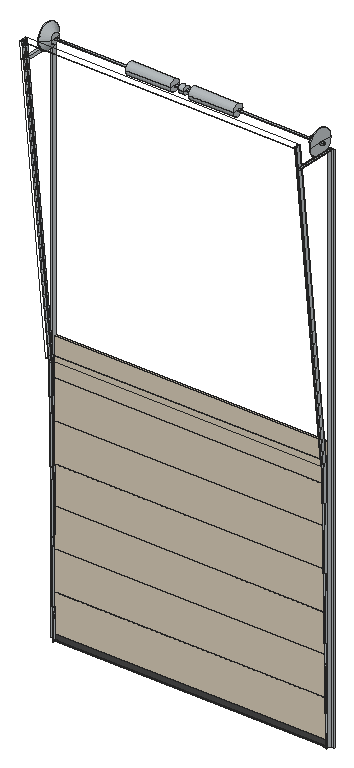
Revit family "Door_Sectional_Clopay_Insulated-VerticalTrack", category Doors, host Wall, Revit 2024
Family settings
  Host = Wall
  OmniClass Number = 23.30.10.17.37.14
  OmniClass Title = Sectional Overhead Doors
  Always vertical = Yes
  Cut with Voids When Loaded = No
  Shared = No
  Room Calculation Point = No
Parameters (values of type "ByType")
  intDepth [instance] = (Height + 1' 6") * -1  # -13' - 6"
  Wind Load = ""
  Water Penetration = ""
  Track Offset = 0' - 1"
  Track Material [instance] = Metal - Steel - Clopay - Galvanized
  TorsionWidth = Width + 0' 7"  # 12' - 7"
  Torsion Spring Height above Head [instance] = if(Breakaway Track, 0' 6", 1' 6")  # 0' - 6"
  Sound Transmission Class (STC) = 0
  Revision = "R1_09-2011"
  Rad [instance] = Thickness / 2  # 0' - 0 11/16"
  RO Offset = 0' - 0"
  Pass Door = no
  Panel Type_9 [instance] = Door Panel : Standard
  Panel Type_8 [instance] = Door Panel : Standard
  Panel Type_7 [instance] = Door Panel : Standard
  Panel Type_6 [instance] = Door Panel : Standard
  Panel Type_5 [instance] = Door Panel : Standard
  Panel Type_4 [instance] = Door Panel : Standard
  Panel Type_3 [instance] = Door Panel : Standard
  Panel Type_2 [instance] = Door Panel : Standard
  Panel Type_11 [instance] = Door Panel : Standard
  Panel Type_10 [instance] = Door Panel : Standard
  Panel Type_1 [instance] = Door Panel : Standard
  Panel Height = Height / NumPanels  # 1' - 8.57143"
  P9 = NumPanels > 8  # no
  P8 = NumPanels > 7  # no
  P7 = NumPanels > 6  # yes
  P6 = NumPanels > 5  # yes
  P5 = NumPanels > 4  # yes
  P4 = NumPanels > 3  # yes
  P11 = NumPanels > 10  # no
  P10 = NumPanels > 9  # no
  Operator_Jackshaft Right [instance] = no
  Operator_Jackshaft Left [instance] = no
  Opening Width = 12' - 0"
  Opening Height = 12' - 0"
  NumPanels_Standard = if(Height < 6' 3", 3, if(Height < 8' 3", 4, if(Height < 10' 3", 5, if(Height < 12' 3", 6, if(Height < 14' 3", 7, if(Height < 16' 3", 8, if(Height < 18' 3", 9, 10)))))))  # 6
  NumPanels_3211 = if(Height < 4' 6", 2, if(Height < 6' 0", 3, if(Height < 7' 6", 4, if(Height < 9' 0", 5, if(Height < 10' 9", 6, if(Height < 12' 6", 7, if(Height < 14' 3", 8, if(Height < 16' 0", 9, if(Height > 17' 9", 10, 11)))))))))  # 7
  NumPanels = if([3211 Spacing], NumPanels_3211, NumPanels_Standard)  # 7
  Maximum Size = "Consult Clopay Specifications & Shop Drawings"
  Lock Right [instance] = no
  Lock Left [instance] = no
  Jackshaft Offset [instance] = 0' - 5"
  Hardware Finish = Metal - Steel - Clopay - Galvanized
  Function = Interior
  Frame Finish = Metal - Steel - Clopay - Stucco Emboss - Tan
  Double Torsion Shaft [instance] = no
  Door Width = Opening Width + (Track Offset * 2)  # 12' - 2"
  Door Height = Opening Height  # 12' - 0"
  Door Glazing = Glass - Insulated - Clopay - Clear Tempered
  DblWidth = TorsionWidth + 1' 0"  # 13' - 7"
  Building Code Conformance = ""
  Breakaway Track [instance] = yes
  Breakaway Bottom Section = no
  Bottom Astragal Material [instance] = Rubber - Clopay - Black
  Bottom Astragal Height [instance] = 0' - 3 1/2"
  Air Infiltration = ""
  ASTM Conformance = ""
  Panel Width [instance] = Width + (Track Offset * 2)  # 12' - 2"
  Panel Material = Metal - Steel - Clopay - Stucco Emboss - Tan
  Manufacturer Phone = "513-770-4800 "
  Warranty Duration (Years) = 0
  URL = "http://www.clopaydoor.com/"
  Thickness = 0' - 1 3/8"
  Test Data = ""
  Specification = "http://www.arcat.com/sd/clients/clopay.html?coid=31487"
  SpecWizard = "http://www.arcat.com/specwizard/clients/clopay.html?coid=31487"
  Send Message = "http://www.clopaydoor.com/"
  Sales Information = "http://www.clopaydoor.com/contact-us.aspx"
  Rough Width = (Width + (RO Offset * 2))  # 12' - 0"
  Rough Height = (Height + (RO Offset))  # 12' - 0"
  R_Value = 0
  Product Properties = ""
  Product Data = "http://www.arcat.com/arcatcos/cos31/arc31487.html?isac=1&r=1"
  Manufacturer Website = "http://www.arcat.com/users.pl?action=UserEmail&company=Clopay%20Building%20Products%20Company&coid=31487&rep=114&fax=513-770-3519&mf="
  Manufacturer Phone - Toll Free = "800-526-4301 "
  Manufacturer Fax = "513-770-3519"
  Manufacturer Address = "8585 Duke Blvd. Mason, OH 45040-3101"
  Maintenance Schedule (Months) = 0
  Installation-Fabrication = ""
  Installation Phase = ""
  Green Building-LEED = "http://www.arcat.com/green/clients/leed_data_31487.html"
  Model = "As Specified"
  Manufacturer = "Clopay Building Products Company"
  Keynote = "08360"
  Height = Opening Height  # 12' - 0"
  Wall Closure = By host
  Width = Opening Width  # 12' - 0"
  Fire Rating = ""
  Expected Lifespan (Years) = 0
  Drawn By = "Sumex Design, Inc. / Robert S. Weygant, CSI, CDT, SCIP"
  Description = "Clopay Overhead Door as Specified"
  Copyright = "©Arcat Inc."
  Construction Details = "http://www.arcat.com/details/clopay/clopay.html?coid=31487"
  Building Codes = ""
  Assembly Code = "B2030410"
  ADA Compliant = yes
  AAMA Designation = ""
  3211 Spacing = yes
  3" Track [instance] = no
Reference planes (in)
  plane 1 "Center (Front/Back)": y = -34.08725
  plane 2 "Center (Left/Right)": x = 64.28704
  plane 3: z = 0
  plane 4 "Right": x = 136.28704
  plane 5 "Left": x = -7.71296
  plane 6: z = 0
  plane 7 "Top of Frame": z = 144
  plane 8 "RO Top": z = 144
  plane 9 "RO Right": x = 136.28704
  plane 10 "RO Left": x = -7.71296
  plane 11 "Exterior Wall Face": y = -31.08725
  plane 12 "Interior Wall Face": y = -37.08725
  plane 13: x = -8.71296
  plane 14: x = 137.28704
  plane 15: z = 24.07143
  plane 16: z = 44.64286
  plane 17: z = 65.21429
  plane 18: z = 85.78571
  plane 19: z = 106.35714
  plane 20: z = 126.92857
  plane 21: z = 147.5
  plane 22: y = -37.58725
  plane 23: z = 3.5
  plane 24: y = -38.96225
  plane 25: z = 288
  plane 26: z = 168.07143
  plane 27: z = 188.64286
  plane 28: x = 80.28704
  plane 29: x = 48.28704
  plane 30: z = 80
  plane 31: z = 40
  plane 32: z = 209.21429
  plane 33: z = 294
  plane 34: z = 306
  plane 35: x = -12.71296
  plane 36: x = 141.28704
  plane 37: z = 297
Forms (in)
  Extrusion 1, solid, material "Rubber - Clopay - Black" <- "Bottom Astragal Material"
    sketch origin (-8.71296, -26.43241, 48) x (0, 1, 0) y (0, 0, 1)
      loop
        line (-11.15484, -44.5) -> (-12.52984, -44.5) -> (-12.52984, -47.3125)
        arc (-12.52984, -47.3125) -> (-11.84234, -48) -> (-11.15484, -47.3125) r 0.6875
        line (-11.15484, -47.3125) -> (-11.15484, -44.5)
    from 0 to 146
  Extrusion 2, solid, material "Metal - Steel - Clopay - Galvanized" <- "Hardware Finish", visible <- "Lock Left"
    sketch origin (-270, -38.96225, -0.15636) x (0, 0, -1) y (-1, 0, 0)
      loop
        line (-39.15636, -263.35085) -> (-39.15636, -267.35085) -> (-36.15636, -267.35085) -> (-36.15636, -263.35085) -> (-39.15636, -263.35085)
    from 0 to -1.5
  Extrusion 3, solid, material "Metal - Steel - Clopay - Galvanized" <- "Hardware Finish", visible <- "Lock Right"
    sketch origin (398.57407, -38.96225, -0.15636) x (0, 0, -1) y (-1, 0, 0)
      loop
        line (-39.15636, 263.35085) -> (-36.15636, 263.35085) -> (-36.15636, 267.35085) -> (-39.15636, 267.35085) -> (-39.15636, 263.35085)
    from 0 to -1.5
  Extrusion 4, solid
    sketch origin (138.28704, -59.98895, 299.04277) x (0, 0.994163, 0.107886) y (-1, 0, 0)
      loop
        line (3, 0) -> (3, 148) -> (-1, 148) -> (-1, 0) -> (3, 0)
    from 0 to -162 <- "intDepth"
Lines and regions (in)
  Opening 1
    outline origin (-109.33485, -37.08725, 0) x (1, 0, 0) y (0, 0, 1)
      loop
        line (101.62189, 0) -> (245.62189, 0) -> (245.62189, 144) -> (101.62189, 144) -> (101.62189, 0)
  symbolic lines, style "Elevation Swing"
    curve 1: line (48.28704, -38.96225, 80) -> (80.28704, -38.96225, 40)
    curve 2: line (80.28704, -38.96225, 40) -> (48.28704, -38.96225, 0)
Text (in)
  text "Exterior" at (50.54558, 62.1328, 0), in view "A101 - Plan View"
  text "Interior" at (50.54558, -116.72319, 0), in view "A101 - Plan View"
  text "Exterior" at (0, -17.98638, 123.01588), in view "Right"
  text "Interior" at (0, -64.39139, 123.01588), in view "Right"
  text "Interior" at (0, -52.09468, 121.14095), in view "Left"
  text "Exterior" at (0, 26.35325, 123.00693), in view "Left"
Dimensions and locks (in)
  equal spacing: plane 4 "Right", plane 2 "Center (Left/Right)", plane 5 "Left"
  "Width": plane 5 "Left" to plane 4 "Right"
  "Height": level to plane 7 "Top of Frame"
  "RO Offset": plane 5 "Left" to plane 10 "RO Left"
  "RO Offset": plane 9 "RO Right" to plane 4 "Right"
  "RO Offset": plane 8 "RO Top" to plane 7 "Top of Frame"
  "Track Offset": plane 9 "RO Right" to plane 14
  "Track Offset": plane 13 to plane 5 "Left"
  locked: nested 3 to plane 12 "Interior Wall Face" at 6
  "Panel Height": plane 23 to plane 15
  "Panel Height": plane 15 to plane 16
  "Panel Height": plane 16 to plane 17
  "Panel Height": plane 17 to plane 18
  "Panel Height": plane 18 to plane 19
  "Panel Height": plane 19 to plane 20
  "Panel Height": plane 20 to plane 21
  locked: plane 12 "Interior Wall Face" to plane 22 at 0.5
  "Bottom Astragal Height": level to plane 23
  "Thickness": plane 22 to plane 24
  "Rad": Extrusion 1 sketch curve to level
  Extrusion 2 sketch curve to Extrusion 2 sketch curve to level = 0' - 3" locked, 3' - 0" locked
  Extrusion 3 sketch curve to Extrusion 3 sketch curve to level = 0' - 3" locked, 3' - 0" locked
  "Height": plane 25 to plane 8 "RO Top"
  "Torsion Spring Height above Head": plane 33 to plane 25
  "Panel Height": plane 21 to plane 26
  "Panel Height": plane 26 to plane 27
  locked: level to plane 30 at 80
  plane 29 to plane 2 "Center (Left/Right)" to plane 28 = 1' - 4" locked, 1' - 4" locked
  equal spacing: plane 30, plane 31, level
  "Panel Height": plane 32 to plane 27
  locked: plane 34 to plane 33 at 12
  locked: plane 12 "Interior Wall Face" to nested 15 at 6
  Extrusion 4 sketch curve to Extrusion 4 sketch curve = 0' - 4"
  locked: plane 14 to Extrusion 4 sketch curve at 1
  locked: Extrusion 4 sketch curve to plane 13 at 1
  locked: plane 37 to plane 33 at 3
  "Jackshaft Offset": plane 5 "Left" to plane 35
  "Jackshaft Offset": plane 36 to plane 4 "Right"
  "Rad": radius of Extrusion 1 sketch curve
  aligned and locked: host wall to plane 1 "Center (Front/Back)"
  aligned and locked: Opening 1 sketch curve to level
  aligned and locked: plane 9 "RO Right" to Opening 1 sketch curve
  aligned and locked: plane 10 "RO Left" to Opening 1 sketch curve
  aligned and locked: Opening 1 sketch curve to plane 8 "RO Top"
  aligned and locked: host wall to plane 11 "Exterior Wall Face"
  aligned and locked: host wall to plane 12 "Interior Wall Face"
  aligned and locked: nested 1 to plane 13
  aligned and locked: nested 1 to plane 12 "Interior Wall Face"
  aligned and locked: nested 2 to plane 14
  aligned and locked: nested 2 to plane 12 "Interior Wall Face"
  aligned and locked: plane 2 "Center (Left/Right)" to nested 3
  aligned and locked: plane 2 "Center (Left/Right)" to nested 4
  aligned and locked: plane 15 to nested 5
  aligned and locked: plane 16 to nested 6
  aligned and locked: plane 17 to nested 7
  aligned and locked: plane 18 to nested 8
  aligned and locked: plane 19 to nested 9
  aligned and locked: plane 20 to nested 10
  aligned and locked: plane 21 to nested 11
  aligned and locked: plane 22 to nested 4
  aligned and locked: plane 22 to nested 5
  aligned and locked: plane 22 to nested 6
  aligned and locked: plane 22 to nested 7
  aligned and locked: plane 22 to nested 8
  aligned and locked: plane 22 to nested 9
  aligned and locked: plane 22 to nested 10
  aligned and locked: plane 22 to nested 11
  aligned and locked: plane 23 to nested 4
  aligned and locked: plane 14 to Extrusion 1
  aligned and locked: plane 26 to nested 12
  aligned and locked: plane 27 to nested 13
  aligned and locked: nested 12 to plane 22
  aligned and locked: nested 13 to plane 22
  aligned and locked: nested 14 to plane 22
  aligned and locked: plane 2 "Center (Left/Right)" to nested 14
  aligned and locked: plane 32 to nested 14
  aligned and locked: plane 34 to nested 15
  aligned and locked: plane 33 to nested 3
  aligned and locked: plane 37 to nested 17
  aligned and locked: plane 36 to nested 17
  aligned and locked: plane 35 to nested 16
  aligned and locked: plane 37 to nested 16
Automatic sketch dimensions
  Extrusion 1 sketch curve to plane 23 = 0' - 0"
  Extrusion 1 sketch curve to plane 24 = 0' - 0"
  Extrusion 2 sketch curve to plane 5 "Left" = 0' - 5.06381"
  Extrusion 2 sketch curve to plane 5 "Left" = 0' - 1.06381"
  plane 4 "Right" to Extrusion 3 sketch curve = 0' - 1.06381"
  Extrusion 3 sketch curve to Extrusion 3 sketch curve = 0' - 4"
  curve 1 to plane 29 = 0' - 0"
  curve 1 to plane 30 = 0' - 0"
  curve 2 to plane 31 = 0' - 0"
  curve 1 to plane 28 = 0' - 0"
  curve 2 to level = 0' - 0"
  curve 2 to plane 29 = 0' - 0"
  nested 2 to Extrusion 4 sketch curve = 0' - 2 15/16"
Nested families (in)
  nested 1: "Track_SectionalDoor_Clopay_Vertical" at (-8.71296, -47.9957, 0), Opening Height <- "Height", Track Material <- "Track Material", 3" Track <- "3" Track", Breakaway <- "Breakaway Track", type "ByType"
    with sptLegth 1' - 9.43686", VertSlope 1.19349°, Vert Travel 0' - 6 1/4", Vert Overall 0' - 8 5/8", TrackHeight 25' - 0", Track Material Metal - Steel - Clopay - Galvanized, TopLength 13' - 8", Opening Height 12' - 0", Breakaway Angle 5.00°, Breakaway yes, BreakOffset 1' - 4.60353", BaseOffset 0' - 2.83333", 3" Track no
  nested 2: "Track_SectionalDoor_Clopay_Vertical" at (137.28704, -47.9957, 0) x (-1, 0, 0) z (0, 0, 1), Opening Height <- "Height", Track Material <- "Track Material", 3" Track <- "3" Track", Breakaway <- "Breakaway Track", type "ByType"
    with sptLegth 1' - 9.43686", VertSlope 1.19349°, Vert Travel 0' - 6 1/4", Vert Overall 0' - 8 5/8", TrackHeight 25' - 0", Track Material Metal - Steel - Clopay - Galvanized, TopLength 13' - 8", Opening Height 12' - 0", Breakaway Angle 5.00°, Breakaway yes, BreakOffset 1' - 4.60353", BaseOffset 0' - 2.83333", 3" Track no
  nested 3: "TorsionAssembly_Vlift" at (64.28704, -43.08725, 294), Material <- "Track Material", Unit Width <- "TorsionWidth", type "TorsionAssembly_Vlift"
    with offset 0' - 0", Unit Width 12' - 7", Material Metal - Steel - Clopay - Galvanized, End Extension 0' - 0"
  nested 4: "Door Panel" at (64.28704, -38.27475, 3.5), Material - Trim <- "Frame Finish", Material - Panel <- "Panel Material", Glass Type <- "Door Glazing", Unit Width <- "Panel Width", Unit Height <- "Panel Height", Unit Depth <- "Thickness", type <- "Panel Type_1", type "Standard"
    with Vision Panel Num 0, Vision Panel Calc 3, VPSpace 13' - 2", VP Actual 2, Unit Width 12' - 2", Unit Height 1' - 8.57143", Unit Depth 0' - 1 3/8", SingleWindow no, PanelsC 3, PanelsB 3, PanelsA 3, Ofst 1' - 0", MultiWindow no, Material - Trim Metal - Steel - Clopay - Stucco Emboss - Tan, Material - Panel Metal - Steel - Clopay - Stucco Emboss - Tan, Glass Type Glass - Insulated - Clopay - Clear Tempered, Vision C no, Vision Panel Width 2' - 0", Vision Panels no
  nested 5: "Door Panel" at (64.28704, -38.27475, 24.07143), Material - Trim <- "Frame Finish", Material - Panel <- "Panel Material", Glass Type <- "Door Glazing", Unit Width <- "Panel Width", Unit Height <- "Panel Height", Unit Depth <- "Thickness", type <- "Panel Type_2", type "Standard"
    with Vision Panel Num 0, Vision Panel Calc 3, VPSpace 13' - 2", VP Actual 2, Unit Width 12' - 2", Unit Height 1' - 8.57143", Unit Depth 0' - 1 3/8", SingleWindow no, PanelsC 3, PanelsB 3, PanelsA 3, Ofst 1' - 0", MultiWindow no, Material - Trim Metal - Steel - Clopay - Stucco Emboss - Tan, Material - Panel Metal - Steel - Clopay - Stucco Emboss - Tan, Glass Type Glass - Insulated - Clopay - Clear Tempered, Vision C no, Vision Panel Width 2' - 0", Vision Panels no
  nested 6: "Door Panel" at (64.28704, -38.27475, 44.64286), Material - Trim <- "Frame Finish", Material - Panel <- "Panel Material", Glass Type <- "Door Glazing", Unit Width <- "Panel Width", Unit Height <- "Panel Height", Unit Depth <- "Thickness", type <- "Panel Type_3", type "Standard"
    with Vision Panel Num 0, Vision Panel Calc 3, VPSpace 13' - 2", VP Actual 2, Unit Width 12' - 2", Unit Height 1' - 8.57143", Unit Depth 0' - 1 3/8", SingleWindow no, PanelsC 3, PanelsB 3, PanelsA 3, Ofst 1' - 0", MultiWindow no, Material - Trim Metal - Steel - Clopay - Stucco Emboss - Tan, Material - Panel Metal - Steel - Clopay - Stucco Emboss - Tan, Glass Type Glass - Insulated - Clopay - Clear Tempered, Vision C no, Vision Panel Width 2' - 0", Vision Panels no
  nested 7: "Door Panel" at (64.28704, -38.27475, 65.21429), Material - Panel <- "Panel Material", Glass Type <- "Door Glazing", Unit Width <- "Panel Width", Unit Height <- "Panel Height", Unit Depth <- "Thickness", visible <- "P4", type <- "Panel Type_4", Material - Trim <- "Panel Material", type "Standard"
    with Vision Panel Num 0, Vision Panel Calc 3, VPSpace 13' - 2", VP Actual 2, Unit Width 12' - 2", Unit Height 1' - 8.57143", Unit Depth 0' - 1 3/8", SingleWindow no, PanelsC 3, PanelsB 3, PanelsA 3, Ofst 1' - 0", MultiWindow no, Material - Trim Metal - Steel - Clopay - Stucco Emboss - Tan, Material - Panel Metal - Steel - Clopay - Stucco Emboss - Tan, Glass Type Glass - Insulated - Clopay - Clear Tempered, Vision C no, Vision Panel Width 2' - 0", Vision Panels no
  nested 8: "Door Panel" at (64.28704, -38.27475, 85.78571), Material - Trim <- "Frame Finish", Material - Panel <- "Panel Material", Glass Type <- "Door Glazing", Unit Width <- "Panel Width", Unit Height <- "Panel Height", Unit Depth <- "Thickness", visible <- "P5", type <- "Panel Type_5", type "Standard"
    with Vision Panel Num 0, Vision Panel Calc 3, VPSpace 13' - 2", VP Actual 2, Unit Width 12' - 2", Unit Height 1' - 8.57143", Unit Depth 0' - 1 3/8", SingleWindow no, PanelsC 3, PanelsB 3, PanelsA 3, Ofst 1' - 0", MultiWindow no, Material - Trim Metal - Steel - Clopay - Stucco Emboss - Tan, Material - Panel Metal - Steel - Clopay - Stucco Emboss - Tan, Glass Type Glass - Insulated - Clopay - Clear Tempered, Vision C no, Vision Panel Width 2' - 0", Vision Panels no
  nested 9: "Door Panel" at (64.28704, -38.27475, 106.35714), Material - Trim <- "Frame Finish", Material - Panel <- "Panel Material", Glass Type <- "Door Glazing", Unit Width <- "Panel Width", Unit Height <- "Panel Height", Unit Depth <- "Thickness", visible <- "P6", type <- "Panel Type_6", type "Standard"
    with Vision Panel Num 0, Vision Panel Calc 3, VPSpace 13' - 2", VP Actual 2, Unit Width 12' - 2", Unit Height 1' - 8.57143", Unit Depth 0' - 1 3/8", SingleWindow no, PanelsC 3, PanelsB 3, PanelsA 3, Ofst 1' - 0", MultiWindow no, Material - Trim Metal - Steel - Clopay - Stucco Emboss - Tan, Material - Panel Metal - Steel - Clopay - Stucco Emboss - Tan, Glass Type Glass - Insulated - Clopay - Clear Tempered, Vision C no, Vision Panel Width 2' - 0", Vision Panels no
  nested 10: "Door Panel" at (64.28704, -38.27475, 126.92857), Material - Trim <- "Frame Finish", Material - Panel <- "Panel Material", Glass Type <- "Door Glazing", Unit Width <- "Panel Width", Unit Height <- "Panel Height", Unit Depth <- "Thickness", visible <- "P7", type <- "Panel Type_7", type "Standard"
    with Vision Panel Num 0, Vision Panel Calc 3, VPSpace 13' - 2", VP Actual 2, Unit Width 12' - 2", Unit Height 1' - 8.57143", Unit Depth 0' - 1 3/8", SingleWindow no, PanelsC 3, PanelsB 3, PanelsA 3, Ofst 1' - 0", MultiWindow no, Material - Trim Metal - Steel - Clopay - Stucco Emboss - Tan, Material - Panel Metal - Steel - Clopay - Stucco Emboss - Tan, Glass Type Glass - Insulated - Clopay - Clear Tempered, Vision C no, Vision Panel Width 2' - 0", Vision Panels no
  nested 11: "Door Panel" at (64.28704, -38.27475, 147.5), Material - Trim <- "Frame Finish", Material - Panel <- "Panel Material", Glass Type <- "Door Glazing", Unit Width <- "Panel Width", Unit Height <- "Panel Height", Unit Depth <- "Thickness", visible <- "P8", type <- "Panel Type_8", type "Standard"
    with Vision Panel Num 0, Vision Panel Calc 3, VPSpace 13' - 2", VP Actual 2, Unit Width 12' - 2", Unit Height 1' - 8.57143", Unit Depth 0' - 1 3/8", SingleWindow no, PanelsC 3, PanelsB 3, PanelsA 3, Ofst 1' - 0", MultiWindow no, Material - Trim Metal - Steel - Clopay - Stucco Emboss - Tan, Material - Panel Metal - Steel - Clopay - Stucco Emboss - Tan, Glass Type Glass - Insulated - Clopay - Clear Tempered, Vision C no, Vision Panel Width 2' - 0", Vision Panels no
  nested 12: "Door Panel" at (64.28704, -38.27475, 168.07143), Material - Trim <- "Frame Finish", Material - Panel <- "Panel Material", Glass Type <- "Door Glazing", Unit Width <- "Panel Width", Unit Height <- "Panel Height", Unit Depth <- "Thickness", visible <- "P9", type <- "Panel Type_9", type "Standard"
    with Vision Panel Num 0, Vision Panel Calc 3, VPSpace 13' - 2", VP Actual 2, Unit Width 12' - 2", Unit Height 1' - 8.57143", Unit Depth 0' - 1 3/8", SingleWindow no, PanelsC 3, PanelsB 3, PanelsA 3, Ofst 1' - 0", MultiWindow no, Material - Trim Metal - Steel - Clopay - Stucco Emboss - Tan, Material - Panel Metal - Steel - Clopay - Stucco Emboss - Tan, Glass Type Glass - Insulated - Clopay - Clear Tempered, Vision C no, Vision Panel Width 2' - 0", Vision Panels no
  nested 13: "Door Panel" at (64.28704, -38.27475, 188.64286), Material - Trim <- "Frame Finish", Material - Panel <- "Panel Material", Glass Type <- "Door Glazing", Unit Width <- "Panel Width", Unit Height <- "Panel Height", Unit Depth <- "Thickness", visible <- "P10", type <- "Panel Type_10", type "Standard"
    with Vision Panel Num 0, Vision Panel Calc 3, VPSpace 13' - 2", VP Actual 2, Unit Width 12' - 2", Unit Height 1' - 8.57143", Unit Depth 0' - 1 3/8", SingleWindow no, PanelsC 3, PanelsB 3, PanelsA 3, Ofst 1' - 0", MultiWindow no, Material - Trim Metal - Steel - Clopay - Stucco Emboss - Tan, Material - Panel Metal - Steel - Clopay - Stucco Emboss - Tan, Glass Type Glass - Insulated - Clopay - Clear Tempered, Vision C no, Vision Panel Width 2' - 0", Vision Panels no
  nested 14: "Door Panel" at (64.28704, -38.27475, 209.21429), Material - Trim <- "Frame Finish", Material - Panel <- "Panel Material", Glass Type <- "Door Glazing", Unit Width <- "Panel Width", Unit Height <- "Panel Height", Unit Depth <- "Thickness", visible <- "P11", type <- "Panel Type_11", type "Standard"
    with Vision Panel Num 0, Vision Panel Calc 3, VPSpace 13' - 2", VP Actual 2, Unit Width 12' - 2", Unit Height 1' - 8.57143", Unit Depth 0' - 1 3/8", SingleWindow no, PanelsC 3, PanelsB 3, PanelsA 3, Ofst 1' - 0", MultiWindow no, Material - Trim Metal - Steel - Clopay - Stucco Emboss - Tan, Material - Panel Metal - Steel - Clopay - Stucco Emboss - Tan, Glass Type Glass - Insulated - Clopay - Clear Tempered, Vision C no, Vision Panel Width 2' - 0", Vision Panels no
  nested 15: "TorsionAssembly_Vlift" at (64.28704, -43.08725, 306), Material <- "Track Material", Unit Width <- "DblWidth", visible <- "Double Torsion Shaft", type "TorsionAssembly_Vlift"
    with offset 0' - 0", Unit Width 13' - 7", Material Metal - Steel - Clopay - Galvanized, End Extension 0' - 6"
  nested 16: "Opener" at (-18.71296, -37.08725, 285) x (1, 0, 0) z (0, -1, 0), Material <- "Hardware Finish", visible <- "Operator_Jackshaft Left", type "Jackshaft"
    with offset 0' - 0", Material Metal - Steel - Clopay - Galvanized, Unit Width 1' - 0", Unit Depth 1' - 0"
  nested 17: "Opener" at (147.28704, -37.08725, 285) x (1, 0, 0) z (0, -1, 0), Material <- "Hardware Finish", visible <- "Operator_Jackshaft Right", type "Jackshaft"
    with offset 0' - 0", Material Metal - Steel - Clopay - Galvanized, Unit Width 1' - 0", Unit Depth 1' - 0"
Definition of nested family "Track_SectionalDoor_Clopay_Vertical"
  Parameters
    sptLegth [instance] = BaseOffset + BreakOffset + 0' 2"  # 1' - 6.33239"
    Width = 0' - 0"
    Warranty Duration (Years) = 0
    VertSlope [instance] = atan(0.25 / 12)  # 1.19349°
    Vert Travel [instance] = (TrackHeight) * tan(VertSlope)  # 0' - 5 1/4"
    Vert Overall [instance] = Vert Travel + 0' 2 3/8"  # 0' - 7 5/8"
    URL = "http://www.clopaydoor.com/"
    TrackHeight [instance] = TopLength + (Opening Height - 0' 8")  # 21' - 0"
    Track Material [instance] = none
    TopLength [instance] = if(Breakaway Angle = 0.00°, Opening Height + 0' 8" + 0' 1", Opening Height + 0' 8" + 1' 0")  # 11' - 8"
    Thickness = 0' - 0"
    Specification = "http://www.arcat.com/sd/clients/clopay.html?coid=31487"
    SpecWizard = "http://www.arcat.com/specwizard/clients/clopay.html?coid=31487"
    Send Message = "http://www.arcat.com/users.pl?action=UserEmail&company=Clopay%20Building%20Products%20Company&coid=31487&rep=114&fax=513-770-3519&mf="
    Sales Information = "http://www.clopaydoor.com/contact-us.aspx"
    Revision = "R1_09-2011"
    Product Properties = ""
    Product Data = "http://www.arcat.com/arcatcos/cos31/arc31487.html?isac=1&r=1"
    Opening Height [instance] = 10' - 0"
    Model = "As Specified"
    Manufacturer Website = "http://www.clopaydoor.com/"
    Manufacturer Phone - Toll Free = "800-526-4301"
    Manufacturer Phone = "513-770-4800"
    Manufacturer Fax = "513-770-3519"
    Manufacturer Address = "8585 Duke Blvd. Manson, OH 45040-3101"
    Manufacturer = "Clopay Building Products Company"
    Maintenance Schedule (Months) = 0
    Keynote = "08360"
    Installation-Fabrication = ""
    Installation Phase = ""
    Height = 0' - 0"
    Green Building-LEED = "http://www.arcat.com/green/clients/leed_data_31487.html"
    Expected Lifespan (Years) = 0
    Drawn By = "Sumex Design, Inc. / Robert S. Weygant, CSI, CDT, SCIP"
    Description = "Clopay Door as Specified"
    Copyright = "©Arcat Inc."
    Construction Details = "http://www.arcat.com/details/clopay/clopay.html?coid=31487"
    Breakaway Angle [instance] = if(Breakaway, 5.00°, 0.00°)  # 5.00°
    Breakaway [instance] = yes
    BreakOffset [instance] = (TrackHeight - 0' 11" - Opening Height + 0' 8") * tan(VertSlope + Breakaway Angle)  # 1' - 1.99905"
    BaseOffset [instance] = (Opening Height - 0' 8") * tan(VertSlope)  # 0' - 2.33333"
    3" Track [instance] = no
    Assembly Code = "B2030410"
  Reference planes (in)
    plane 1 "Center (Front/Back)": y = 10.90846
    plane 2: z = 0
    plane 3 "Center (Left/Right)": x = 0
    plane 4: z = 0
    plane 5: z = 0
    plane 6: z = 0
    plane 7: z = 0
    plane 8: z = 0
    plane 9: y = 3.28346
    plane 10 "Bracket": x = -1
    plane 11: z = 120
    plane 12: z = 252
    plane 13: y = 8.53346
    plane 14: z = 112
  Forms (in)
    Sweep 1, solid, material <- "Track Material"
      path origin (-1, 4.05509, 48) x (0, 1, 0) y (0, 0, 1)
        loop
          line (4.47835, -47.99915) -> (2.14503, 64) -> (-12.95906, 203.18285)
      profile "P_Track : P_Track" origin (-1, 7.36678, 56.00043) x (0, -0.999783, -0.020829) y (1, 0, 0)
        loop
          line (-2, 1) -> (-2, 0) -> (-0.62484, 0) -> (-0.20263, 0.18798)
          arc (-0.20263, 0.18798) -> (0, 0.5) -> (-0.20263, 0.81202) r 0.34155
          line (-0.20263, 0.81202) -> (-0.48052, 0.93574) -> (-0.50594, 0.87865) -> (-0.22805, 0.75492)
          arc (-0.22805, 0.75492) -> (-0.0625, 0.5) -> (-0.22805, 0.24508) r 0.27905
          line (-0.22805, 0.24508) -> (-0.63812, 0.0625) -> (-1.9375, 0.0625) -> (-1.9375, 1) -> (-2, 1)
    Extrusion 2, solid, material <- "Track Material"
      sketch origin (0, 0, 0) x (1, 0, 0) y (0, 1, 0)
        loop
          line (-1, 10.90846) -> (-3.25, 10.90846) -> (-3.25, 10.78346) -> (-1.125, 10.78346) -> (-1.125, 9.28346) -> (-1, 9.28346) -> (-1, 10.90846)
      from 0 to 241
    Sweep 3, solid, material <- "Track Material"
      path origin (-1, 4.05509, 48) x (0, 1, 0) y (0, 0, 1)
        loop
          line (-11.47902, 193) -> (6.72837, 193)
      profile origin (-1, 1.67976, 241) x (0, 0, 1) y (1, 0, 0)
        loop
          line (0, 0) -> (-1.48699, 0) -> (-1.48699, -0.125) -> (-0.11199, -0.125) -> (-0.11199, -1.5) -> (0, -1.5) -> (0, 0)
  Lines and regions (in)
    reference lines
      curve 1: line (-1, 8.53346, 0) -> (-1, 5.57576, 141.96919)
      curve 2: line (-1, 6.20012, 112) -> (-1, 0.48214, 164.69065)
      curve 3: line (-1, 6.20012, 112) -> (-1, 4.2118, 111.78423)
  Dimensions and locks (in)
    equal spacing: plane 4, plane 5, plane 6, plane 7, plane 8, level
    "Height": plane 4 to level
    locked: plane 10 "Bracket" to plane 3 "Center (Left/Right)" at 1
    "Opening Height": plane 11 to level
    "Vert Overall": plane 1 "Center (Front/Back)" to plane 9
    locked: plane 13 to plane 1 "Center (Front/Back)" at 2.375
    locked: plane 12 to Extrusion 2 at 11
    "TrackHeight": plane 12 to level
    locked: plane 12 to Sweep 3 sketch curve at 11
    locked: plane 11 to plane 14 at 8
    "TopLength": curve 3 to Sweep 1 sketch curve
    "sptLegth": plane 1 "Center (Front/Back)" to Sweep 3 sketch curve
    "VertSlope": angle curve 1 to plane 13
    "Breakaway Angle": angle curve 2 to curve 1
    aligned and locked: curve 1 to Sweep 1 sketch curve
    aligned and locked: Sweep 1 sketch curve to curve 2
  Automatic sketch dimensions
    Extrusion 2 sketch curve to plane 1 "Center (Front/Back)" = 0' - 0"
    Extrusion 2 sketch curve to plane 10 "Bracket" = 0' - 0"
    Extrusion 2 sketch curve to Extrusion 2 sketch curve = 0' - 0 1/8"  (x2)
    Extrusion 2 sketch curve to Extrusion 2 sketch curve = 0' - 2 1/8"
    plane 13 to Extrusion 2 sketch curve = 0' - 0 3/4"
    plane 1 "Center (Front/Back)" to Sweep 3 sketch curve = 0' - 0 1/8"
    Sweep 3 sketch curve to plane 10 "Bracket" = 0' - 0"
    Sweep 3 sketch curve to profile plane = 0' - 0"
    profile plane to Sweep 3 sketch curve = 0' - 0.11199"
    Sweep 3 sketch curve to plane 10 "Bracket" = 0' - 0 1/8"
    Sweep 3 sketch curve to Sweep 3 sketch curve = 0' - 1 3/8"  (x2)
    curve 2 to plane 14 = 0' - 0"
    curve 1 to level = 0' - 0"
    curve 1 to plane 13 = 0' - 0"
    Sweep 1 sketch curve to plane 13 = 0' - 0"
    curve 3 to curve 2 = 0' - 0"  (x2)
    curve 2 to curve 3 = 0' - 2"
Definition of nested family "TorsionAssembly_Vlift"
  Parameters
    offset [instance] = 0' - 0"
    Warranty Duration (Years) = 0
    Vertical Lift = yes
    Unit Width [instance] = 12' - 0"
    Unit Height = 0' - 9 1/2"
    Unit Depth = Unit Height  # 0' - 9 1/2"
    URL = "http://www.clopaydoor.com/"
    Standard = no
    Spring Width = 2' - 0"
    Specification = "http://www.arcat.com/sd/clients/clopay.html?coid=31487"
    SpecWizard = "http://www.arcat.com/specwizard/clients/clopay.html?coid=31487"
    Send Message = "http://www.arcat.com/users.pl?action=UserEmail&company=Clopay%20Building%20Products%20Company&coid=31487&rep=114&fax=513-770-3519&mf="
    Sales Information = "http://www.clopaydoor.com/contact-us.aspx"
    Revision = "R1_09-2011"
    Product Properties = ""
    Product Data = "http://www.arcat.com/arcatcos/cos31/arc31487.html?isac=1&r=1"
    Model = "As Specified"
    Material [instance] = none
    Manufacturer Website = "http://www.clopaydoor.com/"
    Manufacturer Phone - Toll Free = "800-526-4301 "
    Manufacturer Phone = "513-770-4800 "
    Manufacturer Fax = "513-770-3519"
    Manufacturer Address = "8585 Duke Blvd. Mason, OH 45040-3101"
    Manufacturer = "Clopay Building Products Company"
    Maintenance Schedule (Months) = 0
    Keynote = "08360"
    Installation-Fabrication = ""
    Installation Phase = ""
    High Lift = no
    Green Building-LEED = "http://www.arcat.com/green/clients/leed_data_31487.html"
    Expected Lifespan (Years) = 0
    End Extension [instance] = 0' - 0"
    Drawn By = "Sumex Design, Inc. / Robert S. Weygant, CSI, CDT, SCIP"
    Description = "Clopay Door as Specified"
    Copyright = "©Arcat Inc."
    Construction Details = "http://www.arcat.com/details/clopay/clopay.html?coid=31487"
    Assembly Code = "B2030410"
  Reference planes (in)
    plane 1 "Center (Front/Back)": y = 0
    plane 2 "Bottom": z = 0
    plane 3 "Center (Left/Right)": x = 0
    plane 4 "Front": y = -4.75
    plane 5 "Back": y = 4.75
    plane 6 "Left": x = -72
    plane 7 "Right": x = 72
    plane 8 "Top": z = 4.75
    plane 9: z = -4.75
    plane 10: x = -5
    plane 11: x = 5
    plane 12: x = -29
    plane 13: x = 29
    plane 14: x = 66
    plane 15: x = -66
  Forms (in)
    Revolve 1, solid, material <- "Material", visible <- "Vertical Lift"
      sketch origin (0, 0, 0) x (1, 0, 0) y (0, 1, 0)
        loop
          line (72, 0) -> (72, 0.5) -> (70, 0.5) -> (70, 6.75) -> (69.5, 6.75) -> (66.33203, 2.5) -> (66, 2.5) -> (66, 0.5) -> (29, 0.5) -> (29, 3) -> (5, 3) -> (5, 0.5) -> (1.375, 0.5) -> (1.375, 2) -> (-1.375, 2) -> (-1.375, 0.5) -> (-5, 0.5) -> (-5, 3) -> (-29, 3) -> (-29, 0.5) -> (-66, 0.5) -> (-66, 2.5) -> (-66.33203, 2.5) -> (-69.5, 6.75) -> (-70, 6.75) -> (-70, 0.5) -> (-72, 0.5) -> (-72, 0) -> (72, 0)
        axis (-72, 0) -> (72, 0)
      angle from 0 to 360
  Dimensions and locks (in)
    equal spacing: plane 6 "Left", plane 3 "Center (Left/Right)", plane 7 "Right"
    "Unit Width": plane 6 "Left" to plane 7 "Right"
    equal spacing: plane 5 "Back", plane 1 "Center (Front/Back)", plane 4 "Front"
    "Unit Depth": plane 5 "Back" to plane 4 "Front"
    equal spacing: plane 8 "Top", level, plane 9
    "Unit Height": plane 8 "Top" to plane 9
    plane 10 to plane 3 "Center (Left/Right)" to plane 11 = 0' - 5" locked, 0' - 5" locked
    "Spring Width": plane 11 to plane 13
    "Spring Width": plane 12 to plane 10
    "End Extension": Revolve 1 sketch curve to plane 6 "Left"
    "End Extension": plane 7 "Right" to Revolve 1 sketch curve
    locked: plane 6 "Left" to plane 15 at 6
    plane 14 to plane 7 "Right" = 0' - 6"
  Automatic sketch dimensions
    Revolve 1 sketch curve to plane 1 "Center (Front/Back)" = 0' - 0"  (x2)
    Revolve 1 sketch curve to plane 15 = 0' - 0"
    Revolve 1 sketch curve to plane 12 = 0' - 0"
    Revolve 1 sketch curve to plane 10 = 0' - 0"
    Revolve 1 sketch curve to plane 11 = 0' - 0"
    Revolve 1 sketch curve to plane 13 = 0' - 0"
    Revolve 1 sketch curve to plane 14 = 0' - 0"
    Revolve 1 sketch curve to Revolve 1 sketch curve = 0' - 9 3/4"
    Revolve 1 sketch curve to plane 1 "Center (Front/Back)" = 0' - 0 1/2"  (x6)
    Revolve 1 sketch curve to plane 3 "Center (Left/Right)" = 0' - 1 3/8"
    plane 3 "Center (Left/Right)" to Revolve 1 sketch curve = 0' - 1 3/8"
    Revolve 1 sketch curve to Revolve 1 sketch curve = 1' - 0 3/4"
    Revolve 1 sketch curve to Revolve 1 sketch curve = 0' - 1 1/2"
    Revolve 1 sketch curve to plane 5 "Back" = 0' - 1 3/4"  (x2)
    Revolve 1 sketch curve to plane 7 "Right" = 0' - 2"
    Revolve 1 sketch curve to plane 14 = 0' - 0 85/256"
    Revolve 1 sketch curve to Revolve 1 sketch curve = 0' - 0 1/2"  (x2)
    Revolve 1 sketch curve to Revolve 1 sketch curve = 0' - 2"  (x2)
    plane 5 "Back" to Revolve 1 sketch curve = 0' - 2"  (x2)
    plane 6 "Left" to Revolve 1 sketch curve = 0' - 2"
    Revolve 1 sketch curve to Revolve 1 sketch curve = 0' - 0 85/256"
Definition of nested family "Door Panel"
  Parameters
    offset = 0' - 9"
    Warranty Duration (Years) = 0
    Vision Panel Num [instance] = if(Vision Panels, Vision Panel Calc, 0)  # 3
    Vision Panel Calc [instance] = if(Vision A, PanelsA, if(Vision B, PanelsB, PanelsC))  # 3
    Vision C = yes
    Vision B = no
    Vision A = no
    VPSpace [instance] = ((Unit Width - (Vision Panel Num * 2' 0")) / (Vision Panel Num + 1)) + 1' 0"  # 2' - 6"
    Vision Panel Height = if(Vision A, 0' 8", if(Vision B, 1' 0", 1' 2"))  # 1' - 2"
    Vision Panel Width = if(Vision C, 3' 4", 2' 0")  # 3' - 4"
    VP Actual [instance] = if(Vision Panel Num > 1, Vision Panel Num, 2)  # 3
    Unit Width [instance] = 12' - 0"
    Unit Height [instance] = 2' - 0"
    Unit Depth [instance] = 0' - 1 3/8"
    URL = "http://www.clopaydoor.com/"
    Specification = "http://www.arcat.com/sd/clients/clopay.html?coid=31487"
    SpecWizard = "http://www.arcat.com/specwizard/clients/clopay.html?coid=31487"
    SingleWindow [instance] = Vision Panel Num = 1  # no
    Send Message = "http://www.arcat.com/users.pl?action=UserEmail&company=Clopay%20Building%20Products%20Company&coid=31487&rep=114&fax=513-770-3519&mf="
    Sales Information = "http://www.clopaydoor.com/contact-us.aspx"
    Revision = "R1_09-2011"
    Product Properties = ""
    Product Data = "http://www.arcat.com/arcatcos/cos31/arc31487.html?isac=1&r=1"
    PanelsC [instance] = if(Unit Width < 9' 4", 2, if(Unit Width < 11' 2", 1, if(Unit Width < 13' 4", 3, if(Unit Width < 15' 4", 2, if(Unit Width < 16' 4", 4, 0)))))  # 3
    PanelsB [instance] = if(Unit Width < 9' 4", 2, if(Unit Width < 13' 4", 3, if(Unit Width < 16' 4", 4, if(Unit Width < 17' 4", 3, if(Unit Width < 20' 4", 5, if(Unit Width < 21' 0", 4, if(Unit Width < 24' 4", 6, if(Unit Width < 24' 6", 5, if(Unit Width < 26' 4", 7, if(Unit Width < 28' 4", 6, 8))))))))))  # 3
    PanelsA [instance] = if(Unit Width < 9' 4", 2, if(Unit Width < 13' 4", 3, if(Unit Width < 16' 4", 4, if(Unit Width < 17' 2", 3, if(Unit Width < 20' 4", 5, if(Unit Width < 20' 10", 4, if(Unit Width < 24' 4", 6, if(Unit Width < 24' 6", 5, if(Unit Width < 26' 4", 7, if(Unit Width < 28' 2", 6, 8))))))))))  # 3
    Ofst [instance] = Vision Panel Width / 2  # 1' - 8"
    MultiWindow [instance] = Vision Panel Num > 1  # yes
    Model = "As Specified"
    Material - Trim [instance] = none
    Material - Panel [instance] = none
    Manufacturer Website = "http://www.clopaydoor.com/"
    Manufacturer Phone - Toll Free = "800-526-4301 "
    Manufacturer Phone = "513-770-4800 "
    Manufacturer Fax = "513-770-3519"
    Manufacturer Address = "8585 Duke Blvd. Mason, OH 45040-3101"
    Manufacturer = "Clopay Building Products Company"
    Maintenance Schedule (Months) = 0
    Keynote = "08330"
    Installation-Fabrication = ""
    Installation Phase = ""
    HalfHeight = Vision Panel Height / 2  # 0' - 7"
    Green Building-LEED = "http://www.arcat.com/green/clients/leed_data_31487.html"
    Glass Type [instance] = none
    Expected Lifespan (Years) = 0
    Drawn By = "Sumex Design, Inc. / Robert S. Weygant, CSI, CDT, SCIP"
    Vision Panels = yes
    Description = "Clopay Door as Specified"
    Copyright = "©Arcat Inc."
    Construction Details = "http://www.arcat.com/details/clopay/clopay.html?coid=31487"
    Assembly Code = "B2030420"
  Reference planes (in)
    plane 1 "Center (Front/Back)": y = 0
    plane 2 "Bottom": z = 0
    plane 3 "Center (Left/Right)": x = 0
    plane 4 "Front": y = -0.6875
    plane 5 "Back": y = 0.6875
    plane 6 "Left": x = -72
    plane 7 "Right": x = 72
    plane 8 "Top": z = 24
    plane 9: z = 12
    plane 10: x = -42
    plane 11: x = 42
  Forms (in)
    Extrusion 1, solid, material <- "Material - Panel"
      sketch origin (-11.94222, 0.6875, 48) x (-1, 0, 0) y (0, 0, 1)
        loop
          line (60.05778, -24) -> (-83.94222, -24) -> (-83.94222, -48) -> (60.05778, -48) -> (60.05778, -24)
      from 0 to -1.375
    Sweep 2, void
      path origin (0, -1, 25.77106) x (0, 0, 1) y (-1, 0, 0)
        loop
          line (-17.06234, 62) -> (-17.06234, 22)
      profile origin (-42, -1, 8.70872) x (0, 0, 1) y (0, -1, 0)
        loop
          line (-3.70872, -4) -> (10.29128, -4) -> (10.29128, 2.25) -> (-3.70872, 2.25) -> (-3.70872, -4)
    Sweep 3, void
      path origin (84, -1, 25.77106) x (0, 0, 1) y (-1, 0, 0)
        loop
          line (-17.06234, 62) -> (-17.06234, 22)
      profile origin (42, -1, 8.70872) x (0, 0, 1) y (0, -1, 0)
        loop
          line (-3.70872, -4) -> (10.29128, -4) -> (10.29128, 2.25) -> (-3.70872, 2.25) -> (-3.70872, -4)
    Sweep 4, void
      path origin (42, -1, 25.77106) x (0, 0, 1) y (-1, 0, 0)
        loop
          line (-17.06234, 62) -> (-17.06234, 22)
      profile origin (0, -1, 8.70872) x (0, 0, 1) y (0, -1, 0)
        loop
          line (-3.70872, -4) -> (10.29128, -4) -> (10.29128, 2.25) -> (-3.70872, 2.25) -> (-3.70872, -4)
  Cuts and joins
    Sweep 2, Sweep 3, Sweep 4 cuts Extrusion 1
  Dimensions and locks (in)
    equal spacing: plane 6 "Left", plane 3 "Center (Left/Right)", plane 7 "Right"
    "Unit Width": plane 6 "Left" to plane 7 "Right"
    equal spacing: plane 5 "Back", plane 1 "Center (Front/Back)", plane 4 "Front"
    "Unit Depth": plane 5 "Back" to plane 4 "Front"
    "Unit Height": plane 8 "Top" to level
    equal spacing: plane 8 "Top", plane 9, level
    "VPSpace": plane 10 to plane 6 "Left"
    "VPSpace": plane 7 "Right" to plane 11
    equal spacing: group 1, group 5, group 2  (x3)
    equal spacing: group 3, group 6, group 4  (x3)
    "Vision Panel Width": Sweep 2 sketch curve to Sweep 2 sketch curve
    "Vision Panel Width": Sweep 3 sketch curve to Sweep 3 sketch curve
    "Ofst": plane 10 to Sweep 2
    "Ofst": Sweep 3 to plane 11
    "Vision Panel Height": Sweep 2 sketch curve to Sweep 2 sketch curve
    "Vision Panel Height": Sweep 3 sketch curve to Sweep 3 sketch curve
    "HalfHeight": Sweep 2 to plane 9
    "HalfHeight": Sweep 3 to plane 9
    "Vision Panel Width": Sweep 4 sketch curve to Sweep 4 sketch curve
    "Vision Panel Height": Sweep 4 sketch curve to Sweep 4 sketch curve
    aligned and locked: nested 1 to plane 10
    aligned and locked: nested 2 to plane 10
    aligned and locked: plane 11 to nested 3
    aligned and locked: nested 3 to plane 9
    aligned and locked: plane 9 to nested 1
    aligned and locked: plane 9 to nested 2
    aligned and locked: plane 1 "Center (Front/Back)" to nested 2
    aligned and locked: plane 1 "Center (Front/Back)" to nested 1
    aligned and locked: plane 1 "Center (Front/Back)" to nested 3
    aligned and locked: Extrusion 1 to plane 4 "Front"
  Automatic sketch dimensions
    Extrusion 1 sketch curve to plane 8 "Top" = 0' - 0"
    plane 7 "Right" to Extrusion 1 sketch curve = 0' - 0"
    Extrusion 1 sketch curve to plane 6 "Left" = 0' - 0"
    level to Extrusion 1 sketch curve = 0' - 0"
    profile plane to Sweep 3 sketch curve = 0' - 3.70872"
    Sweep 3 sketch curve to profile plane = 0' - 4"
    profile plane to Sweep 3 sketch curve = 0' - 2 1/4"
    profile plane to Sweep 2 sketch curve = 0' - 3.70872"
    Sweep 2 sketch curve to profile plane = 0' - 4"
    profile plane to Sweep 2 sketch curve = 0' - 2 1/4"
    profile plane to Sweep 4 sketch curve = 0' - 3.70872"
    Sweep 4 sketch curve to profile plane = 0' - 4"
    profile plane to Sweep 4 sketch curve = 0' - 2 1/4"
  Nested families (in)
    nested 1: "Vision Panel" at (-42, 0, 12), visible <- "MultiWindow", Material <- "Glass Type", Frame Material <- "Material - Trim", Door Thickness <- "Unit Depth", Unit Height <- "Vision Panel Height", Unit Width <- "Vision Panel Width", type "Vision Panel"
      with offset 0' - 0", Unit Width 3' - 4", Unit Height 1' - 2", Material none, Frame Material none, Door Thickness 0' - 1 3/8"
    nested 2: "Vision Panel" at (-42, 0, 12), visible <- "SingleWindow", Material <- "Glass Type", Frame Material <- "Material - Trim", Unit Height <- "Vision Panel Height", Door Thickness <- "Unit Depth", Unit Width <- "Vision Panel Width", type "Vision Panel"
      with offset 0' - 0", Unit Width 3' - 4", Unit Height 1' - 2", Material none, Frame Material none, Door Thickness 0' - 1 3/8"
    nested 3: "Vision Panel" at (42, 0, 12), visible <- "MultiWindow", Material <- "Glass Type", Frame Material <- "Material - Trim", Door Thickness <- "Unit Depth", Unit Height <- "Vision Panel Height", Unit Width <- "Vision Panel Width", type "Vision Panel"
      with offset 0' - 0", Unit Width 3' - 4", Unit Height 1' - 2", Material none, Frame Material none, Door Thickness 0' - 1 3/8"
    nested 4: "Vision Panel" at (0, 0, 12), visible <- "MultiWindow", Material <- "Glass Type", Frame Material <- "Material - Trim", Door Thickness <- "Unit Depth", Unit Height <- "Vision Panel Height", Unit Width <- "Vision Panel Width", type "Vision Panel"
      with offset 0' - 0", Unit Width 3' - 4", Unit Height 1' - 2", Material none, Frame Material none, Door Thickness 0' - 1 3/8"
  Definition of nested family "Vision Panel"
    Parameters
      offset [instance] = 0' - 0"
      Warranty Duration (Years) = 0
      Unit Width [instance] = 0' - 10"
      Unit Height [instance] = 0' - 1 5/8"
      Unit Depth = 0' - 0 1/8"
      URL = "http://www.clopaydoor.com/"
      Thickness = 0' - 0 1/4"
      Specification = "http://www.arcat.com/sd/clients/clopay.html?coid=31487"
      SpecWizard = "http://www.arcat.com/specwizard/clients/clopay.html?coid=31487"
      Send Message = "http://www.arcat.com/users.pl?action=UserEmail&company=Clopay%20Building%20Products%20Company&coid=31487&rep=114&fax=513-770-3519&mf="
      Sales Information = "http://www.clopaydoor.com/contact-us.aspx"
      Revision = "R1_09-2011"
      Product Properties = ""
      Product Data = "http://www.arcat.com/arcatcos/cos31/arc31487.html?isac=1&r=1"
      Model = "As Specified"
      Material [instance] = none
      Manufacturer Website = "http://www.clopaydoor.com/"
      Manufacturer Phone - Toll Free = "800-526-4301 "
      Manufacturer Phone = "513-770-4800 "
      Manufacturer Fax = "513-770-3519"
      Manufacturer Address = "8585 Duke Blvd. Mason, OH 45040-3101"
      Manufacturer = "Clopay Building Products Company"
      Maintenance Schedule (Months) = 0
      Keynote = "08330"
      Installation-Fabrication = ""
      Installation Phase = ""
      Green Building-LEED = "http://www.arcat.com/green/clients/leed_data_31487.html"
      Frame Material [instance] = none
      Expected Lifespan (Years) = 0
      Drawn By = "Sumex Design, Inc. / Robert S. Weygant, CSI, CDT, SCIP"
      Door Thickness [instance] = 0' - 1 3/4"
      Description = "Clopay Door as Specified"
      Copyright = "©Arcat Inc."
      Construction Details = "http://www.arcat.com/details/clopay/clopay.html?coid=31487"
      Assembly Code = "B2030420"
    Reference planes (in)
      plane 1 "Center (Front/Back)": y = 0
      plane 2 "Bottom": z = 0
      plane 3 "Center (Left/Right)": x = 0
      plane 4 "Left": x = -5
      plane 5 "Right": x = 5
      plane 6 "Top": z = 0.8125
      plane 7: y = 0.125
      plane 8: y = -0.125
      plane 9: z = -0.8125
      plane 10: y = 0.875
      plane 11: y = -0.875
    Forms (in)
      Extrusion 1, solid, material <- "Material"
        sketch origin (-4.79439, 0.125, 48) x (-1, 0, 0) y (0, 0, 1)
          loop
            line (0.08061, -48.6875) -> (0.08061, -47.3125) -> (-9.66939, -47.3125) -> (-9.66939, -48.6875) -> (0.08061, -48.6875)
        from 0 to -0.25
      Sweep 2, solid, material <- "Frame Material"
        path origin (0, 0, 0) x (1, 0, 0) y (0, 0, 1)
          loop
            line (-5, 0.8125) -> (-5, -0.8125) -> (5, -0.8125) -> (5, 0.8125) -> (-5, 0.8125)
        profile origin (0, 0, 0.8125) x (0, 0, 1) y (0, -1, 0)
          loop
            line (-0.125, -1) -> (0.375, -1) -> (0.375, -0.875) -> (0, -0.875) -> (0, 0.875) -> (0.375, 0.875) -> (0.375, 1) -> (-0.125, 1) -> (-0.125, -1)
    Dimensions and locks (in)
      equal spacing: plane 4 "Left", plane 3 "Center (Left/Right)", plane 5 "Right"
      "Unit Width": plane 4 "Left" to plane 5 "Right"
      equal spacing: plane 7, plane 1 "Center (Front/Back)", plane 8
      "Thickness": plane 7 to plane 8
      equal spacing: plane 6 "Top", level, plane 9
      "Unit Height": plane 6 "Top" to plane 9
      equal spacing: plane 10, plane 1 "Center (Front/Back)", plane 11
      "Door Thickness": plane 10 to plane 11
      locked: plane 11 to Sweep 2 sketch curve at 0.125
      locked: Sweep 2 sketch curve to plane 10 at 0.125
      aligned and locked: Extrusion 1 to plane 8
      aligned and locked: Sweep 2 sketch curve to plane 10
      aligned and locked: plane 11 to Sweep 2 sketch curve
    Automatic sketch dimensions
      plane 4 "Left" to Extrusion 1 sketch curve = 0' - 0 1/8"
      plane 9 to Extrusion 1 sketch curve = 0' - 0 1/8"
      Extrusion 1 sketch curve to plane 6 "Top" = 0' - 0 1/8"
      Extrusion 1 sketch curve to plane 5 "Right" = 0' - 0 1/8"
      Sweep 2 sketch curve to plane 4 "Left" = 0' - 0"
      Sweep 2 sketch curve to plane 5 "Right" = 0' - 0"
      Sweep 2 sketch curve to plane 9 = 0' - 0"
      Sweep 2 sketch curve to plane 6 "Top" = 0' - 0"
      Sweep 2 sketch curve to profile plane = 0' - 0"
      profile plane to Sweep 2 sketch curve = 0' - 0 1/8"
      Sweep 2 sketch curve to profile plane = 0' - 0 3/8"  (x2)
Definition of nested family "Opener"
  Parameters
    offset [instance] = 0' - 0"
    Warranty Duration (Years) = 0
    Unit Width = 2' - 0"
    Unit Height = 2' - 0"
    Unit Depth = 0' - 10"
    URL = "http://www.clopaydoor.com/"
    Specification = "http://www.arcat.com/sd/clients/clopay.html?coid=31487"
    SpecWizard = "http://www.arcat.com/specwizard/clients/clopay.html?coid=31487"
    Send Message = "http://www.arcat.com/users.pl?action=UserEmail&company=Clopay%20Building%20Products%20Company&coid=31487&rep=114&fax=513-770-3519&mf="
    Sales Information = "http://www.clopaydoor.com/contact-us.aspx"
    Revision = "R1_09-2011"
    Product Properties = ""
    Product Data = "http://www.arcat.com/arcatcos/cos31/arc31487.html?isac=1&r=1"
    Model = "As Specified"
    Material [instance] = none
    Manufacturer Website = "http://www.clopaydoor.com/"
    Manufacturer Phone - Toll Free = "800-526-4301 "
    Manufacturer Phone = "513-770-4800 "
    Manufacturer Fax = "513-770-3519"
    Manufacturer Address = "8585 Duke Blvd. Mason, OH 45040-3101"
    Manufacturer = "Clopay Building Products Company"
    Maintenance Schedule (Months) = 0
    Keynote = "08360"
    Installation-Fabrication = ""
    Installation Phase = ""
    Green Building-LEED = "http://www.arcat.com/green/clients/leed_data_31487.html"
    Expected Lifespan (Years) = 0
    Drawn By = "Sumex Design, Inc. / Robert S. Weygant, CSI, CDT, SCIP"
    Description = "Clopay Door as Specified"
    Default Elevation = 4' - 0"
    Copyright = "©Arcat Inc."
    Construction Details = "http://www.arcat.com/details/clopay/clopay.html?coid=31487"
    Assembly Code = "B2030410"
  Reference planes (in)
    plane 1 "Center (Front/Back)": y = 0
    plane 2 "Bottom": z = 0
    plane 3 "Center (Left/Right)": x = 0
    plane 4 "Front": y = -12
    plane 5 "Back": y = 12
    plane 6 "Left": x = -12
    plane 7 "Right": x = 12
    plane 8 "Top": z = 10
  Forms (in)
    Extrusion 1, solid, material <- "Material"
      sketch origin (0, 0, 0) x (1, 0, 0) y (0, 1, 0)
        loop
          line (-12, 12) -> (-12, -12) -> (12, -12) -> (12, 12) -> (-12, 12)
      from 0 to 10
  Dimensions and locks (in)
    equal spacing: plane 6 "Left", plane 3 "Center (Left/Right)", plane 7 "Right"
    "Unit Width": plane 6 "Left" to plane 7 "Right"
    equal spacing: plane 5 "Back", plane 1 "Center (Front/Back)", plane 4 "Front"
    "Unit Height": plane 5 "Back" to plane 4 "Front"
    "Unit Depth": plane 8 "Top" to level
    aligned and locked: plane 8 "Top" to Extrusion 1
  Automatic sketch dimensions
    Extrusion 1 sketch curve to plane 4 "Front" = 0' - 0"
    Extrusion 1 sketch curve to plane 6 "Left" = 0' - 0"
    Extrusion 1 sketch curve to plane 7 "Right" = 0' - 0"
    Extrusion 1 sketch curve to plane 5 "Back" = 0' - 0"
